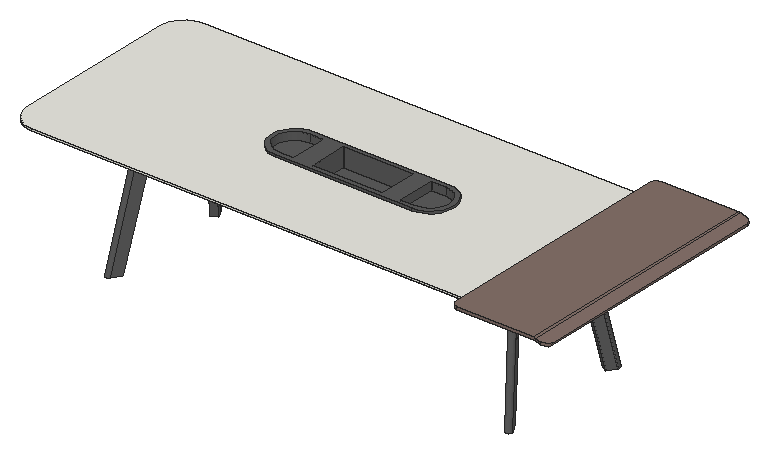
Revit family "Haworth_Immerse_OverlapTable_RectangleLedge", category Furniture Systems, Revit 2018
Family settings
  Round Connector Dimension = Use Diameter
  Part Type = Normal
  OmniClass Number = 23.40.70.14.64.21
  OmniClass Title = Systems Furniture
  Work Plane-Based = No
  Always vertical = Yes
  Cut with Voids When Loaded = No
  Shared = No
  Room Calculation Point = No
Parameters (values of type "48d 120w 57d 22w - Oblong Planter")
  Warranty = "http://www.haworth.com/resources/product-info/warranties"
  Upper Top Thickness = 1 3/16"  # constant formula
  Upper Top Finish [instance] = Haworth _ Wood _ Walnut
  Understucture Thickness = 3 1/2"  # constant formula
  Understructure Overall Width = 57"  # constant formula
  Understructure Finish [instance] = Haworth _ Paint _ Black
  URL - Product = "http://www.haworth.com/products/tables/collaborative/immerse"
  Standard Widths = "124 in."  # constant formula
  Standard Heights = "30.5 in."  # constant formula
  Standard Depths = "48 in."  # constant formula
  Size = "Verify Final Dim. w/ Haworth"  # constant formula
  Planter Finish [instance] = Haworth _ Paint _ Black
  Oblong Planter Void Height = if(Oblong Planter, 30", 1")  # 30"
  Oblong Planter = yes
  Model = "THRL-48C4"  # constant formula
  URL = "https://www.haworth.com/na/en.html"
  Revision Number = "1"  # constant formula
  Manufacturer = "Haworth"  # constant formula
  Lower Top Width = Actual Width - 2"  # 122"
  Lower Top Thickness = 1/8"  # constant formula
  Lower Top Finish [instance] = Haworth _ Paint _ Polar
  Lower Top Cutout Width = Understructure Overall Width - 3"  # 54"
  Lower Top Cutout Depth = 12 1/2"  # constant formula
  Leg Finish [instance] = Haworth _ Wood _ Ink On Ash
  Description = "Haworth Immerse Overlap Table Rectangle Ledge - 48d 120w 57d 22w - Oblong Planter"
  Author = "Haworth (Bentzen)"  # constant formula
  Assembly Code = "E2020200"
  Actual Width = 124"  # constant formula
  Actual Height = 30 1/2"  # constant formula
  Actual Depth = 48"  # constant formula
Types (2): name | Oblong Planter Void Height | Oblong Planter | Description
  48d 120w 57d 22w - Oblong Planter | 30" | yes | "Haworth Immerse Overlap Table Rectangle Ledge - 48d 120w 57d 22w - Oblong Planter"
  48d 120w 57d 22w - No Planter | 1" | no | "Haworth Immerse Overlap Table Rectangle Ledge - 48d 120w 57d 22w - No Planter"
Reference planes (in)
  plane 1 "Floor": z = 0.27806
  plane 2: y = 25.09134
  plane 3: y = 12.59134
  plane 4: z = 12.69672
  plane 5: z = 42.69672
  plane 6: x = -82.30909
  plane 7: x = 37.69091
  plane 8: x = -80.30909
  plane 9: x = 35.69091
  plane 10: y = 18.84134
  plane 11: y = 42.84134
  plane 12: y = -5.15866
  plane 13: y = 40.84134
  plane 14: y = -3.15866
  plane 15: x = -63.124
  plane 16: x = 18.50582
  plane 17: x = -64.73122
  plane 18: x = 20.11305
  plane 19: y = -9.65866
  plane 20: y = 47.34134
  plane 21: x = 41.69091
  plane 22: z = 29.78006
  plane 23: z = 29.44714
  plane 24: z = 28.60006
  plane 25: z = 30.28006
  plane 26: z = 30.77806
  plane 27: x = -20.30909
  plane 28: z = 29
  plane 29: z = 26.12812
Forms (in)
  Extrusion 1, solid, material "Haworth _ Paint _ Black" <- "Understructure Finish"
    sketch origin (-47.92254, 131.41995, 1.06449) x (0, 1, 0) y (0, 0, 1)
      loop
        line (-104.65865, 27.53557) -> (-106.19861, 27.53557) -> (-106.19861, 25.06363) -> (-104.65865, 25.06363) -> (-104.65865, 27.53557)
    from -15.20146 to 66.42836
  Extrusion 2, void
    sketch origin (38.61594, 57.93122, 7) x (-1, 0, 0) y (0, -1, 0)
      loop
        arc (75.95464, 33.90857) -> (81.10477, 39.0587) -> (75.95464, 44.20882) r 5.15013
        line (75.95464, 44.20882) -> (45.87271, 44.20882)
        arc (45.87271, 44.20882) -> (40.72258, 39.0587) -> (45.87271, 33.90857) r 5.15013
        line (45.87271, 33.90857) -> (75.95464, 33.90857)
    from 5.69672 to 35.69672
  Extrusion 3, solid, material "Haworth _ Paint _ Black" <- "Understructure Finish"
    sketch origin (-37.14123, -120.2412, 11.98828) x (0, -1, 0) y (0, 0, -1)
      loop
        line (-131.16258, -16.61178) -> (-131.16258, -14.13984) -> (-147.0025, -14.13984) -> (-147.0025, -16.61178) -> (-131.16258, -16.61178)
    from 54.38813 to 55.64705
  Extrusion 4, solid, material "Haworth _ Paint _ Polar" <- "Lower Top Finish"
    sketch origin (0, 0, 0) x (1, 0, 0) y (0, 1, 0)
      loop
        arc (-76.76221, 42.84134) -> (-80.68444, 41.2167) -> (-82.30909, 37.29447) r 5.54688
        line (-82.30909, 37.29447) -> (-82.30909, 0.38822)
        arc (-82.30909, 0.38822) -> (-80.68444, -3.53402) -> (-76.76221, -5.15866) r 5.54688
        line (-76.76221, -5.15866) -> (32.14404, -5.15866)
        arc (32.14404, -5.15866) -> (36.06627, -3.53402) -> (37.69091, 0.38822) r 5.54688
        line (37.69091, 0.38822) -> (37.69091, 37.29447)
        arc (37.69091, 37.29447) -> (36.06627, 41.2167) -> (32.14404, 42.84134) r 5.54688
        line (32.14404, 42.84134) -> (-76.76221, 42.84134)
    from 29.44714 to 29.78006
  Blend 5, solid, material "Haworth _ Paint _ Polar" <- "Lower Top Finish"
    base sketch origin (0, 0, 0) x (1, 0, 0) y (0, 1, 0)
      loop
        arc (-74.80909, 40.84134) -> (-78.69817, 39.23043) -> (-80.30909, 35.34134) r 5.5
        line (-80.30909, 35.34134) -> (-80.30909, 2.38822)
        arc (-80.30909, 2.38822) -> (-78.68444, -1.53402) -> (-74.76221, -3.15866) r 5.54688
        line (-74.76221, -3.15866) -> (30.14404, -3.15866)
        arc (30.14404, -3.15866) -> (34.06627, -1.53402) -> (35.69091, 2.38822) r 5.54688
        line (35.69091, 2.38822) -> (35.69091, 35.29447)
        arc (35.69091, 35.29447) -> (34.06627, 39.2167) -> (30.14404, 40.84134) r 5.54688
        line (30.14404, 40.84134) -> (-74.80909, 40.84134)
    top sketch origin (0, 0, 0) x (1, 0, 0) y (0, 1, 0)
      loop
        arc (-76.76221, 42.84134) -> (-80.68444, 41.2167) -> (-82.30909, 37.29447) r 5.54688
        line (-82.30909, 37.29447) -> (-82.30909, 0.38822)
        arc (-82.30909, 0.38822) -> (-80.68444, -3.53402) -> (-76.76221, -5.15866) r 5.54688
        line (-76.76221, -5.15866) -> (32.14404, -5.15866)
        arc (32.14404, -5.15866) -> (36.06627, -3.53402) -> (37.69091, 0.38822) r 5.54688
        line (37.69091, 0.38822) -> (37.69091, 37.29447)
        arc (37.69091, 37.29447) -> (36.06627, 41.2167) -> (32.14404, 42.84134) r 5.54688
        line (32.14404, 42.84134) -> (-76.76221, 42.84134)
    from 28.60006 to 29.44714
  Extrusion 6, solid, material "Haworth _ Wood _ Walnut" <- "Upper Top Finish"
    sketch origin (30.31175, -18.5571, -4.42788) x (0, 0, 1) y (1, 0, 0)
      loop
        line (34.70794, -10.1987) -> (35.20794, -10.1987) -> (35.20794, 8.35922)
        arc (35.20794, 8.35922) -> (35.19083, 8.62028) -> (35.13979, 8.87686) r 2
        line (35.13979, 8.87686) -> (34.45927, 11.41661) -> (33.97631, 11.2872) -> (34.63979, 8.81104)
        arc (34.63979, 8.81104) -> (34.69083, 8.55445) -> (34.70794, 8.2934) r 2
        line (34.70794, 8.2934) -> (34.70794, -10.1987)
    from 8.89844 to 65.89844
  Extrusion 7, void
    sketch origin (30.70439, 18.84059, 30) x (0, -1, 0) y (1, 0, 0)
      loop
        line (26.74925, -10.65463) -> (26.74925, -10.98398) -> (28.74925, -10.98398) -> (28.74925, -8.88687) -> (28.51701, -8.88687)
        arc (28.51701, -8.88687) -> (27.99925, -10.13687) -> (26.74925, -10.65463) r 1.76777
      loop
        arc (-26.74925, -10.65463) -> (-27.99925, -10.13687) -> (-28.51701, -8.88687) r 1.76777
        line (-28.51701, -8.88687) -> (-28.74925, -8.88687) -> (-28.74925, -10.98398) -> (-26.74925, -10.98398) -> (-26.74925, -10.65463)
      loop
        arc (26.74925, 11.02396) -> (27.9948, 10.55022) -> (28.51701, 9.32419) r 1.70161
        line (28.51701, 9.32419) -> (28.74925, 9.32419) -> (28.74925, 11.4213) -> (26.74925, 11.4213) -> (26.74925, 11.02396)
      loop
        line (-26.74925, 11.02396) -> (-26.74925, 11.4213) -> (-28.74925, 11.4213) -> (-28.74925, 9.32419) -> (-28.51701, 9.32419)
        arc (-28.51701, 9.32419) -> (-27.9948, 10.55022) -> (-26.74925, 11.02396) r 1.70161
    from -7 to 12
  Extrusion 8, solid, material "Haworth _ Wood _ Walnut" <- "Upper Top Finish"
    sketch origin (0, 0.55639, 0) x (1, 0, 0) y (0, 1, 0)
      loop
        line (22.74091, 31.78495) -> (22.74091, 4.78495) -> (34.46092, 4.78495) -> (34.46092, 31.78495) -> (22.74091, 31.78495)
    from 29.78006 to 30.28006
  Blend 9, solid, material "Haworth _ Wood _ Ink On Ash" <- "Leg Finish"
    base sketch origin (282.98903, -150.1915, 4.86907) x (-0.965926, 0.25882, 0) y (-0.25882, -0.965926, 0)
      loop
        line (292.80658, -83.4847) -> (293.90259, -82.38869) -> (292.32032, -80.80641)
        arc (292.32032, -80.80641) -> (291.2243, -80.80641) -> (291.2243, -81.90243) r 0.775
        line (291.2243, -81.90243) -> (292.80658, -83.4847)
    top sketch origin (282.98903, -150.1915, 4.86907) x (-0.965926, 0.25882, 0) y (-0.25882, -0.965926, 0)
      loop
        line (297.39155, -88.06968) -> (298.48757, -86.97366) -> (296.73382, -85.21991)
        arc (296.73382, -85.21991) -> (295.6378, -85.21991) -> (295.6378, -86.31593) r 0.775
        line (295.6378, -86.31593) -> (297.39155, -88.06968)
    from -4.59101 to 23.73099
  Blend 10, solid, material "Haworth _ Wood _ Ink On Ash" <- "Leg Finish"
    base sketch origin (282.98903, 187.87419, 4.86907) x (-0.965926, -0.25882, 0) y (0.25882, -0.965926, 0)
      loop
        line (292.80658, 83.4847) -> (291.2243, 81.90243)
        arc (291.2243, 81.90243) -> (291.2243, 80.80641) -> (292.32032, 80.80641) r 0.775
        line (292.32032, 80.80641) -> (293.90259, 82.38869) -> (292.80658, 83.4847)
    top sketch origin (282.98903, 187.87419, 4.86907) x (-0.965926, -0.25882, 0) y (0.25882, -0.965926, 0)
      loop
        line (297.39155, 88.06968) -> (295.6378, 86.31593)
        arc (295.6378, 86.31593) -> (295.6378, 85.21991) -> (296.73382, 85.21991) r 0.775
        line (296.73382, 85.21991) -> (298.48757, 86.97366) -> (297.39155, 88.06968)
    from -4.86907 to 23.73099
  Extrusion 11, solid, material "Haworth _ Paint _ Black" <- "Understructure Finish"
    sketch origin (-47.92254, -93.73727, 1.06449) x (0, -1, 0) y (0, 0, -1)
      loop
        line (-104.65865, -27.53557) -> (-104.65865, -25.06363) -> (-106.19861, -25.06363) -> (-106.19861, -27.53557) -> (-104.65865, -27.53557)
    from -15.20146 to 66.42836
  Extrusion 12, solid, material "Haworth _ Paint _ Black" <- "Understructure Finish"
    sketch origin (-7.47695, -120.2412, 11.98828) x (0, -1, 0) y (0, 0, 1)
      loop
        line (-131.16258, 16.61178) -> (-147.0025, 16.61178) -> (-147.0025, 14.13984) -> (-131.16258, 14.13984) -> (-131.16258, 16.61178)
    from 54.38813 to 55.64705
  Blend 13, solid, material "Haworth _ Wood _ Ink On Ash" <- "Leg Finish"
    base sketch origin (-327.6072, 187.87419, 4.86907) x (0.965926, -0.25882, 0) y (0.25882, 0.965926, 0)
      loop
        line (292.80658, -83.4847) -> (293.90259, -82.38869) -> (292.32032, -80.80641)
        arc (292.32032, -80.80641) -> (291.2243, -80.80641) -> (291.2243, -81.90243) r 0.775
        line (291.2243, -81.90243) -> (292.80658, -83.4847)
    top sketch origin (-327.6072, 187.87419, 4.86907) x (0.965926, -0.25882, 0) y (0.25882, 0.965926, 0)
      loop
        line (297.39155, -88.06968) -> (298.48757, -86.97366) -> (296.73382, -85.21991)
        arc (296.73382, -85.21991) -> (295.6378, -85.21991) -> (295.6378, -86.31593) r 0.775
        line (295.6378, -86.31593) -> (297.39155, -88.06968)
    from -4.86907 to 23.45293
  Blend 14, solid, material "Haworth _ Wood _ Ink On Ash" <- "Leg Finish"
    base sketch origin (-327.6072, -150.1915, 4.86907) x (0.965926, 0.25882, 0) y (-0.25882, 0.965926, 0)
      loop
        line (292.80658, 83.4847) -> (291.2243, 81.90243)
        arc (291.2243, 81.90243) -> (291.2243, 80.80641) -> (292.32032, 80.80641) r 0.775
        line (292.32032, 80.80641) -> (293.90259, 82.38869) -> (292.80658, 83.4847)
    top sketch origin (-327.6072, -150.1915, 4.86907) x (0.965926, 0.25882, 0) y (-0.25882, 0.965926, 0)
      loop
        line (297.39155, 88.06968) -> (295.6378, 86.31593)
        arc (295.6378, 86.31593) -> (295.6378, 85.21991) -> (296.73382, 85.21991) r 0.775
        line (296.73382, 85.21991) -> (298.48757, 86.97366) -> (297.39155, 88.06968)
    from -4.86907 to 23.45293
Cuts and joins
  Extrusion 2 cuts Extrusion 4
  Extrusion 2 cuts Blend 5
  Extrusion 7 cuts Extrusion 6
Lines and regions (in)
  Masking region 1
    outline origin (0, 0, 0) x (1, 0, 0) y (0, 1, 0)
      loop
        arc (-76.76221, 42.84134) -> (-80.68444, 41.2167) -> (-82.30909, 37.29447) r 5.54688
        line (-82.30909, 37.29447) -> (-82.30909, 0.38822)
        arc (-82.30909, 0.38822) -> (-80.68444, -3.53402) -> (-76.76221, -5.15866) r 5.54688
        line (-76.76221, -5.15866) -> (20.11305, -5.15866) -> (20.11305, -7.95553)
        arc (20.11305, -7.95553) -> (20.61188, -9.15983) -> (21.81617, -9.65866) r 1.70313
        line (21.81617, -9.65866) -> (40.02523, -9.65866)
        arc (40.02523, -9.65866) -> (41.22952, -9.15983) -> (41.72835, -7.95553) r 1.70313
        line (41.72835, -7.95553) -> (41.72835, 45.63822)
        arc (41.72835, 45.63822) -> (41.22952, 46.84251) -> (40.02523, 47.34134) r 1.70313
        line (40.02523, 47.34134) -> (21.81617, 47.34134)
        arc (21.81617, 47.34134) -> (20.61188, 46.84251) -> (20.11305, 45.63822) r 1.70313
        line (20.11305, 45.63822) -> (20.11305, 42.84134) -> (-76.76221, 42.84134)
  symbolic lines, style "Haworth Hidden", detail levels fine
    curve 1: line (16.97711, 26.7613, 0) -> (-61.59529, 26.7613, 0)
    curve 2: line (16.97711, 26.7613, 0) -> (22.63166, 36.77739, 0)
    curve 3: line (24.37329, 35.79416, 0) -> (18.78686, 25.89874, 0)
    curve 4: line (18.78686, 25.89874, 0) -> (18.78686, 11.78394, 0)
    curve 5: line (17.2469, 12.46134, 0) -> (17.2469, 25.22134, 0)
    curve 6: line (17.2469, 25.22134, 0) -> (-61.86508, 25.22134, 0)
    curve 7: line (-61.86508, 25.22134, 0) -> (-61.86508, 12.46134, 0)
    curve 8: line (-61.59529, 26.7613, 0) -> (-67.2512, 36.77981, 0)
    curve 9: line (-68.99146, 35.79416, 0) -> (-63.124, 25.40093, 0)
    curve 10: line (-63.124, 25.40093, 0) -> (-63.124, 12.28175, 0)
    curve 11: line (-61.59529, 10.92138, 0) -> (-67.24983, 0.90529, 0)
    curve 12: line (-68.99146, 1.88852, 0) -> (-63.124, 12.28175, 0)
    curve 13: line (16.97711, 10.92138, 0) -> (-61.59529, 10.92138, 0)
    curve 14: line (17.2469, 12.46134, 0) -> (-61.86508, 12.46134, 0)
    curve 15: line (16.97711, 10.92138, 0) -> (22.63166, 0.90529, 0)
    curve 16: line (24.37329, 1.88852, 0) -> (18.78686, 11.78394, 0)
    curve 17: arc (24.37329, 1.88852, 0) -> (23.99409, 0.52609, 0) -> (22.63166, 0.90529, 0) r 1
    curve 18: arc (22.63166, 36.77739, 0) -> (23.99409, 37.15659, 0) -> (24.37329, 35.79416, 0) r 1
    curve 19: arc (-68.99146, 35.79416, 0) -> (-68.61347, 37.15591, 0) -> (-67.2512, 36.77981, 0) r 1
    curve 20: arc (-68.99146, 1.88852, 0) -> (-68.61226, 0.52609, 0) -> (-67.24983, 0.90529, 0) r 1
    curve 21: line (20.11305, 42.84134, 0) -> (32.14097, 42.84134, 0)
    curve 22: line (37.69091, 37.2914, 0) -> (37.69091, 0.34438, 0)
    curve 23: line (32.18788, -5.15866, 0) -> (18.78686, -5.15866, 0)
    curve 24: arc (32.18788, -5.15866, 0) -> (36.07911, -3.54686, 0) -> (37.69091, 0.34438, 0) r 5.50304
    curve 25: arc (32.14097, 42.84134, 0) -> (36.06537, 41.2158, 0) -> (37.69091, 37.2914, 0) r 5.54994
  symbolic lines, style "Haworth"
    curve 26: line (20.11305, 42.84134, 0) -> (20.11305, -5.15866, 0)
Dimensions and locks (in)
  "Oblong Planter Void Height": plane 5 to plane 4
  locked: plane 9 to plane 7 at 2
  locked: plane 6 to plane 8 at 2
  "Actual Depth": plane 11 to plane 12
  equal spacing: plane 11, plane 10, plane 12
  locked: plane 11 to plane 13 at 2
  locked: plane 14 to plane 12 at 2
  plane 16 to plane 18 to plane 9 = 1.60722" locked, 15.57786" locked
  plane 8 to plane 17 to plane 15 = 15.57786" locked, 1.60722" locked
  plane 24 to plane 23 to plane 22 to plane 25 to plane 26 = 0.84709" locked, 0.33291" locked, 1/2" locked, 0.498" locked
  "Actual Height": plane 1 "Floor" to plane 26
  equal spacing: plane 6, plane 27, plane 21
  "Actual Width": plane 6 to plane 21
  aligned and locked: Extrusion 2 to plane 5
  aligned and locked: Extrusion 2 to plane 4
  aligned and locked: plane 11 to Extrusion 4
  aligned and locked: Extrusion 4 to plane 12
  aligned and locked: plane 6 to Extrusion 4
  aligned and locked: Extrusion 4 to plane 7
  aligned and locked: plane 16 to Extrusion 1
  aligned and locked: Extrusion 6 to plane 19
  aligned and locked: plane 25 to Extrusion 6
  aligned and locked: plane 24 to Extrusion 1
  aligned and locked: plane 24 to Extrusion 3
  aligned and locked: Extrusion 8 to plane 22
  aligned and locked: nested 1 to plane 22
  aligned and locked: plane 24 to nested 2
  aligned and locked: plane 24 to Blend 9
  aligned and locked: Blend 9 to plane 1 "Floor"
Automatic sketch dimensions
  Extrusion 2 sketch curve to plane 2 = 1.0687"
  Extrusion 2 sketch curve to plane 3 = 1.13105"
  Blend 5 sketch curve to plane 8 = 0"
  Blend 5 sketch curve to plane 13 = 0"
  Blend 5 sketch curve to plane 14 = 0"
  Blend 5 sketch curve to plane 9 = 0"
  Blend 5 sketch curve to Blend 5 sketch curve = 5 1/2"
  plane 8 to Blend 5 sketch curve = 5 35/64"
  plane 9 to Blend 5 sketch curve = 5 35/64"  (x2)
  plane 18 to Extrusion 8 sketch curve = 2.62786"
  plane 9 to Extrusion 8 sketch curve = 1.23"
  plane 3 to Extrusion 8 sketch curve = 7 1/4"
  plane 2 to Extrusion 8 sketch curve = 7 1/4"
  plane 18 to Blend 9 sketch curve = 2.7729"
  plane 14 to Blend 9 sketch curve = 7.45337"
  Blend 9 sketch curve to Blend 9 sketch curve = 0.54801"  (x4)
  Blend 9 sketch curve to Blend 9 sketch curve = 1.58228"
  Blend 9 sketch curve to Blend 9 sketch curve = 1.09601"
  Blend 9 sketch curve to Blend 9 sketch curve = 0.48626"
  Blend 9 sketch curve to plane 18 = 0.34791"
  plane 3 to Blend 9 sketch curve = 2.89122"
  Blend 9 sketch curve to Blend 9 sketch curve = 1.75375"
  Blend 9 sketch curve to Blend 9 sketch curve = 1.09602"
  Blend 9 sketch curve to Blend 9 sketch curve = 0.65774"
  plane 18 to Blend 10 sketch curve = 2.7729"
  Blend 10 sketch curve to plane 13 = 7.45337"
  Blend 10 sketch curve to Blend 10 sketch curve = 0.54801"  (x6)
  Blend 10 sketch curve to Blend 10 sketch curve = 1.58228"
  Blend 10 sketch curve to Blend 10 sketch curve = 1.09601"
  Blend 10 sketch curve to plane 18 = 0.34791"
  plane 2 to Blend 10 sketch curve = 2.89122"
  Blend 10 sketch curve to Blend 10 sketch curve = 1.75375"
  Blend 10 sketch curve to Blend 10 sketch curve = 1.09602"
  plane 17 to Blend 13 sketch curve = 2.7729"
  Blend 13 sketch curve to plane 13 = 7.45337"
  Blend 13 sketch curve to Blend 13 sketch curve = 0.54801"  (x4)
  Blend 13 sketch curve to Blend 13 sketch curve = 1.58228"
  Blend 13 sketch curve to Blend 13 sketch curve = 1.09601"
  Blend 13 sketch curve to Blend 13 sketch curve = 0.48626"
  Blend 13 sketch curve to plane 17 = 0.34791"
  plane 2 to Blend 13 sketch curve = 2.89122"
  Blend 13 sketch curve to Blend 13 sketch curve = 1.75375"
  Blend 13 sketch curve to Blend 13 sketch curve = 1.09602"
  Blend 13 sketch curve to Blend 13 sketch curve = 0.65774"
  plane 17 to Blend 14 sketch curve = 2.7729"
  plane 14 to Blend 14 sketch curve = 7.45337"
  Blend 14 sketch curve to Blend 14 sketch curve = 0.54801"  (x6)
  Blend 14 sketch curve to Blend 14 sketch curve = 1.58228"
  Blend 14 sketch curve to Blend 14 sketch curve = 1.09601"
  Blend 14 sketch curve to plane 17 = 0.34791"
  plane 3 to Blend 14 sketch curve = 2.89122"
  Blend 14 sketch curve to Blend 14 sketch curve = 1.75375"
  Blend 14 sketch curve to Blend 14 sketch curve = 1.09602"
  Extrusion 1 sketch curve to plane 24 = 0"
  plane 2 to Extrusion 1 sketch curve = 0.13"
  Extrusion 1 sketch curve to Extrusion 1 sketch curve = 1.53996"
  Extrusion 3 sketch curve to plane 24 = 0"
  plane 2 to Extrusion 3 sketch curve = 1.66996"
  plane 3 to Extrusion 3 sketch curve = 1.66996"
  Extrusion 4 sketch curve to plane 6 = 0"
  Extrusion 4 sketch curve to plane 12 = 0"
  Extrusion 4 sketch curve to plane 11 = 0"
  Extrusion 4 sketch curve to plane 7 = 0"
  plane 8 to Extrusion 4 sketch curve = 3 35/64"  (x2)
  plane 9 to Extrusion 4 sketch curve = 3 35/64"  (x2)
  Blend 5 sketch curve to plane 6 = 0"
  Blend 5 sketch curve to plane 12 = 0"
  Blend 5 sketch curve to plane 11 = 0"
  Blend 5 sketch curve to plane 7 = 0"
  plane 8 to Blend 5 sketch curve = 3 35/64"  (x2)
  plane 9 to Blend 5 sketch curve = 3 35/64"  (x2)
  Extrusion 6 sketch curve to plane 25 = 0"
  plane 25 to Extrusion 6 sketch curve = 0.06815"
  plane 21 to Extrusion 6 sketch curve = 0.03744"
  plane 25 to Extrusion 6 sketch curve = 0.24867"
  Extrusion 6 sketch curve to plane 21 = 0.09197"
  Extrusion 6 sketch curve to plane 22 = 0.23163"
  plane 24 to Extrusion 6 sketch curve = 0.18"
  Extrusion 6 sketch curve to plane 24 = 0.32"
  plane 26 to Extrusion 6 sketch curve = 0.06615"
  Extrusion 6 sketch curve to plane 26 = 0.002"
  plane 16 to Extrusion 6 sketch curve = 1.60722"
  Extrusion 7 sketch curve to plane 20 = 0.24849"  (x2)
  Extrusion 7 sketch curve to plane 20 = 0.01626"  (x2)
  plane 20 to Extrusion 7 sketch curve = 1.68535"
  Extrusion 7 sketch curve to plane 18 = 0.06329"  (x2)
  plane 20 to Extrusion 7 sketch curve = 1.75151"  (x2)
  plane 21 to Extrusion 7 sketch curve = 0.43478"  (x2)
  plane 19 to Extrusion 7 sketch curve = 1 3/4"  (x2)
  Extrusion 7 sketch curve to plane 18 = 0.39264"  (x2)
  plane 19 to Extrusion 7 sketch curve = 1.68384"
  Extrusion 7 sketch curve to plane 19 = 0.01777"  (x2)
  Extrusion 7 sketch curve to plane 19 = 1/4"
  Extrusion 7 sketch curve to Extrusion 7 sketch curve = 0.23223"
  Extrusion 7 sketch curve to plane 21 = 1.66288"  (x2)
  Extrusion 7 sketch curve to plane 21 = 1.66234"  (x2)
  Extrusion 11 sketch curve to plane 24 = 0"
  plane 3 to Extrusion 11 sketch curve = 0.13"
  Extrusion 11 sketch curve to Extrusion 11 sketch curve = 1.53996"
  Extrusion 12 sketch curve to plane 24 = 0"
  plane 2 to Extrusion 12 sketch curve = 1.66996"
  plane 3 to Extrusion 12 sketch curve = 1.66996"
  Masking region 1 sketch curve to plane 6 = 0"
  Masking region 1 sketch curve to plane 12 = 0"
  Masking region 1 sketch curve to plane 11 = 0"
  Masking region 1 sketch curve to plane 18 = 0"
  Masking region 1 sketch curve to plane 19 = 0"
  plane 20 to Masking region 1 sketch curve = 0"
  plane 8 to Masking region 1 sketch curve = 3 35/64"  (x2)
  plane 16 to Masking region 1 sketch curve = 1.60722"
  plane 18 to Masking region 1 sketch curve = 1 45/64"  (x2)
  Masking region 1 sketch curve to plane 21 = 1.66569"  (x2)
  plane 21 to Masking region 1 sketch curve = 0.03744"
  plane 27 to Extrusion 2 sketch curve = 13.05232"
  Extrusion 2 sketch curve to plane 27 = 17.02961"
  Extrusion 1 sketch curve to plane 29 = 0"
  Extrusion 3 sketch curve to plane 29 = 0"
  Extrusion 11 sketch curve to plane 29 = 0"
  Extrusion 12 sketch curve to plane 29 = 0"
  curve 9 to plane 15 = 0"
  curve 23 to plane 12 = 0"
  curve 21 to plane 11 = 0"
  curve 21 to plane 18 = 0"
  curve 25 to plane 7 = 0"
  plane 17 to curve 11 = 2.51861"
  plane 17 to curve 8 = 2.51998"
  curve 19 to curve 19 = 0.86944"
  curve 20 to curve 20 = 0.87081"
  curve 9 to curve 19 = 0.87081"
  curve 12 to curve 20 = 0.87081"
  plane 3 to curve 7 = 0.13"
  curve 7 to plane 15 = 1.25892"
  curve 1 to plane 15 = 1.52871"
  curve 11 to plane 15 = 1.52871"
  curve 1 to plane 16 = 1.52871"
  curve 13 to plane 16 = 1.52871"
  plane 2 to curve 5 = 0.13"
  curve 5 to plane 16 = 1.25892"
  plane 16 to curve 4 = 0.28104"
  plane 18 to curve 2 = 2.51861"
  plane 18 to curve 15 = 2.51861"
  curve 18 to curve 18 = 0.87081"
  curve 17 to curve 17 = 0.87081"
  curve 18 to curve 3 = 0.87081"
  curve 17 to curve 16 = 0.87081"
  plane 9 to curve 21 = 3.54994"
  plane 9 to curve 24 = 3.50304"
  plane 14 to curve 15 = 4.06395"
  plane 14 to curve 11 = 4.06395"
  curve 17 to curve 17 = 0.49161"
  curve 20 to curve 20 = 0.49161"
  curve 13 to curve 5 = 1.53996"
  plane 3 to curve 4 = 0.8074"
  plane 3 to curve 12 = 0.30959"
  plane 2 to curve 9 = 0.30959"
  plane 2 to curve 3 = 0.8074"
  curve 5 to curve 2 = 1.53996"
  curve 3 to plane 13 = 5.04718"
  curve 9 to plane 13 = 5.04718"
  curve 3 to curve 18 = 0.49161"
  curve 9 to curve 19 = 0.49161"
  plane 16 to curve 23 = 0.28104"
Nested families (in)
  nested 1: "Haworth_Immerse_Planter_Oblong" at (18.19091, 30, 0.28007), Planter Finish <- "Planter Finish", visible <- "Oblong Planter", type "EHPO"
    with Planter Finish Haworth _ Paint _ Black
  nested 2: "Haworth_Immerse_Support_Part" at (62.09113, 15.42516, 0.36365) x (0.8708, 0.4916, 0) z (0, 0, 1), Understructure Finish <- "Understructure Finish", type "Support"
    with Understructure Finish Haworth _ Paint _ Black
  nested 3: "Haworth_Immerse_Support_Part" at (62.09113, 22.25752, 0.36365) x (0.8708, -0.4916, 0) z (0, 0, 1), Understructure Finish <- "Understructure Finish", type "Support"
    with Understructure Finish Haworth _ Paint _ Black
  nested 4: "Haworth_Immerse_Support_Part" at (-106.7093, 15.42516, 0.36365) x (-0.8708, 0.4916, 0) z (0, 0, 1), Understructure Finish <- "Understructure Finish", type "Support"
    with Understructure Finish Haworth _ Paint _ Black
  nested 5: "Haworth_Immerse_Support_Part" at (-106.7093, 22.25752, 0.36365) x (-0.8708, -0.4916, 0) z (0, 0, 1), Understructure Finish <- "Understructure Finish", type "Support"
    with Understructure Finish Haworth _ Paint _ Black
Definition of nested family "Haworth_Immerse_Planter_Oblong"
  Parameters
    Warranty = "http://www.haworth.com/product-info/warranties"
    URL - Product = "http://www.haworth.com/products/tables/collaborative/immerse"
    Planter Finish [instance] = none
    Model = "EHPO"
    URL = "http://www.haworth.com/"
    Revision Number = "1"  # constant formula
    Manufacturer = "Haworth"  # constant formula
    Description = "Haworth Immerse Planter Oblong"
    Author = "Haworth (Hampton)"  # constant formula
    Assembly Code = "E2020200"
  Reference planes (in)
    plane 1 "Floor": z = 0
    plane 2 "Center L/R": x = -40.5
    plane 3 "Center": y = -11.15866
    plane 4 "Surface Top": z = 29.49998
    plane 5 "Side Bottom": z = 27.99998
    plane 6: x = -60.875
    plane 7: x = -20.125
    plane 8: y = -5.88828
    plane 9: y = -16.42904
    plane 10 "Center Bottom": z = 25.548
    plane 11 "Planter Top": z = 30.24998
  Forms (in)
    Extrusion 1, solid, material <- "Planter Finish"
      sketch origin (0, 0, 35.87445) x (0, -1, 0) y (1, 0, 0)
        loop
          line (5.88828, -25.4095) -> (5.88828, -55.5905)
          arc (5.88828, -55.5905) -> (11.15866, -60.86088) -> (16.42904, -55.5905) r 5.27038
          line (16.42904, -55.5905) -> (16.42904, -25.4095)
          arc (16.42904, -25.4095) -> (11.15866, -20.13912) -> (5.88828, -25.4095) r 5.27038
      from -6.37446 to -5.93901
    Extrusion 2, solid, material <- "Planter Finish"
      sketch origin (0, 0, 35.87445) x (0, -1, 0) y (1, 0, 0)
        loop
          arc (15.3122, -29.08454) -> (15.75414, -28.90148) -> (15.9372, -28.45954) r 0.625
          line (15.9372, -28.45954) -> (15.9372, -25.41)
          arc (15.9372, -25.41) -> (11.15866, -20.63146) -> (6.38012, -25.41) r 4.77854
          line (6.38012, -25.41) -> (6.38012, -28.45954)
          arc (6.38012, -28.45954) -> (6.56318, -28.90148) -> (7.00512, -29.08454) r 0.625
          line (7.00512, -29.08454) -> (15.3122, -29.08454)
        loop
          line (15.3122, -51.91546) -> (7.00512, -51.91546)
          arc (7.00512, -51.91546) -> (6.56318, -52.09852) -> (6.38012, -52.54046) r 0.625
          line (6.38012, -52.54046) -> (6.38012, -55.59)
          arc (6.38012, -55.59) -> (11.15866, -60.36854) -> (15.9372, -55.59) r 4.77854
          line (15.9372, -55.59) -> (15.9372, -52.54046)
          arc (15.9372, -52.54046) -> (15.75414, -52.09852) -> (15.3122, -51.91546) r 0.625
      from -7.87446 to -6.37446
    Extrusion 3, solid, material <- "Planter Finish"
      sketch origin (0, 0, 35.87445) x (0, -1, 0) y (1, 0, 0)
        loop
          line (15.9372, -48.21154) -> (15.9372, -32.78846)
          arc (15.9372, -32.78846) -> (15.75414, -32.34652) -> (15.3122, -32.16346) r 0.625
          line (15.3122, -32.16346) -> (7.00512, -32.16346)
          arc (7.00512, -32.16346) -> (6.56318, -32.34652) -> (6.38012, -32.78846) r 0.625
          line (6.38012, -32.78846) -> (6.38012, -48.21154)
          arc (6.38012, -48.21154) -> (6.56318, -48.65348) -> (7.00512, -48.83654) r 0.625
          line (7.00512, -48.83654) -> (15.3122, -48.83654)
          arc (15.3122, -48.83654) -> (15.75414, -48.65348) -> (15.9372, -48.21154) r 0.625
      from -10.32645 to -6.37446
    Extrusion 4, void
      sketch origin (0, 0, 35.87445) x (0, -1, 0) y (1, 0, 0)
        loop
          arc (7.00512, -52.41546) -> (6.91673, -52.45207) -> (6.88012, -52.54046) r 0.125
          line (6.88012, -52.54046) -> (6.88012, -55.59)
          arc (6.88012, -55.59) -> (11.15866, -59.86854) -> (15.4372, -55.59) r 4.27854
          line (15.4372, -55.59) -> (15.4372, -52.54046)
          arc (15.4372, -52.54046) -> (15.40059, -52.45207) -> (15.3122, -52.41546) r 0.125
          line (15.3122, -52.41546) -> (7.00512, -52.41546)
        loop
          line (7.00512, -28.58454) -> (15.3122, -28.58454)
          arc (15.3122, -28.58454) -> (15.40059, -28.54793) -> (15.4372, -28.45954) r 0.125
          line (15.4372, -28.45954) -> (15.4372, -25.41)
          arc (15.4372, -25.41) -> (11.15866, -21.13146) -> (6.88012, -25.41) r 4.27854
          line (6.88012, -25.41) -> (6.88012, -28.45954)
          arc (6.88012, -28.45954) -> (6.91673, -28.54793) -> (7.00512, -28.58454) r 0.125
      from -7.67122 to -5.62446
    Extrusion 5, void
      sketch origin (0, 0, 35.87445) x (0, -1, 0) y (1, 0, 0)
        loop
          arc (15.4372, -32.78846) -> (15.40059, -32.70007) -> (15.3122, -32.66346) r 0.125
          line (15.3122, -32.66346) -> (7.00512, -32.66346)
          arc (7.00512, -32.66346) -> (6.91673, -32.70007) -> (6.88012, -32.78846) r 0.125
          line (6.88012, -32.78846) -> (6.88012, -48.21154)
          arc (6.88012, -48.21154) -> (6.91673, -48.29993) -> (7.00512, -48.33654) r 0.125
          line (7.00512, -48.33654) -> (15.3122, -48.33654)
          arc (15.3122, -48.33654) -> (15.40059, -48.29993) -> (15.4372, -48.21154) r 0.125
          line (15.4372, -48.21154) -> (15.4372, -32.78846)
      from -10.07019 to -5.62446
  Cuts and joins
    Extrusion 4, Extrusion 5 cuts Extrusion 1
    Extrusion 4 cuts Extrusion 2
    Extrusion 5 cuts Extrusion 3
    joined: Extrusion 1, Extrusion 2, Extrusion 3
  Lines and regions (in)
    Masking region 1
      outline origin (0, 0, 35.87445) x (0, -1, 0) y (1, 0, 0)
        loop
          arc (5.88828, -55.5905) -> (11.15866, -60.86088) -> (16.42904, -55.5905) r 5.27038
          line (16.42904, -55.5905) -> (16.42904, -25.4095)
          arc (16.42904, -25.4095) -> (11.15866, -20.13912) -> (5.88828, -25.4095) r 5.27038
          line (5.88828, -25.4095) -> (5.88828, -55.5905)
  Dimensions and locks (in)
    aligned and locked: plane 4 "Surface Top" to Extrusion 1
    aligned and locked: Extrusion 2 to plane 5 "Side Bottom"
    aligned and locked: Extrusion 2 to plane 4 "Surface Top"
    aligned and locked: plane 10 "Center Bottom" to Extrusion 3
    aligned and locked: Extrusion 3 to plane 4 "Surface Top"
    aligned and locked: Extrusion 4 to plane 11 "Planter Top"
Definition of nested family "Haworth_Immerse_Support_Part"
  Parameters
    Warranty = "http://www.haworth.com/product-info/warranties"
    Understructure Finish [instance] = none
    URL - Product = "http://www.haworth.com/products/tables/collaborative/immerse"
    Model = ""
    URL = "http://www.haworth.com/"
    Revision Number = "1"  # constant formula
    Manufacturer = "Haworth"  # constant formula
    Description = "Haworth_Immerse_Support_Part"
    Author = "Haworth (Hampton)"  # constant formula
    Assembly Code = "E2020200"
    Actual Width = 138"  # constant formula
    Actual Height = 36 1/4"  # constant formula
    Actual Depth = 60"  # constant formula
  Reference planes (in)
    plane 1 "Floor": z = 0
    plane 2 "Center L/R": x = -40.5
    plane 3 "Table Edge Front": y = -11.15866
    plane 4 "Rect Top": z = 29.49998
    plane 5 "Rect Mid": z = 29.12443
    plane 6 "Rect Bottom": z = 28.31193
    plane 7: x = -40.5
    plane 8: x = -41.5
    plane 9: x = -41.25
    plane 10: x = -39.5
    plane 11: x = -39.75
  Forms (in)
    Extrusion 1, solid, material <- "Understructure Finish"
      sketch origin (0, 0, 35.87445) x (0, -1, 0) y (1, 0, 0)
        loop
          line (-18.38399, -41.5) -> (-6.75474, -41.5)
          arc (-6.75474, -41.5) -> (-5.75474, -40.5) -> (-6.75474, -39.5) r 1
          line (-6.75474, -39.5) -> (-18.38399, -39.5) -> (-18.38399, -41.5)
      from -10.10998 to -7.63804
    Extrusion 2, void
      sketch origin (-37.39844, 0, 0) x (0, 0, 1) y (0, -1, 0)
        loop
          line (25.60768, -18.68942) -> (27.79043, -5.30688) -> (25.54043, -5.30688) -> (25.54043, -18.68942) -> (25.60768, -18.68942)
      from -6.31779 to 0.64844
    Extrusion 3, void
      sketch origin (0, 0, 35.87445) x (0, -1, 0) y (1, 0, 0)
        loop
          line (-18.13399, -39.75) -> (-18.13399, -41.25) -> (-6.75474, -41.25)
          arc (-6.75474, -41.25) -> (-6.00474, -40.5) -> (-6.75474, -39.75) r 0.75
          line (-6.75474, -39.75) -> (-18.13399, -39.75)
      from -11.52859 to -7.87446
  Cuts and joins
    Extrusion 2, Extrusion 3 cuts Extrusion 1
  Dimensions and locks (in)
    Extrusion 3 to plane 2 "Center L/R" = 3/4"
